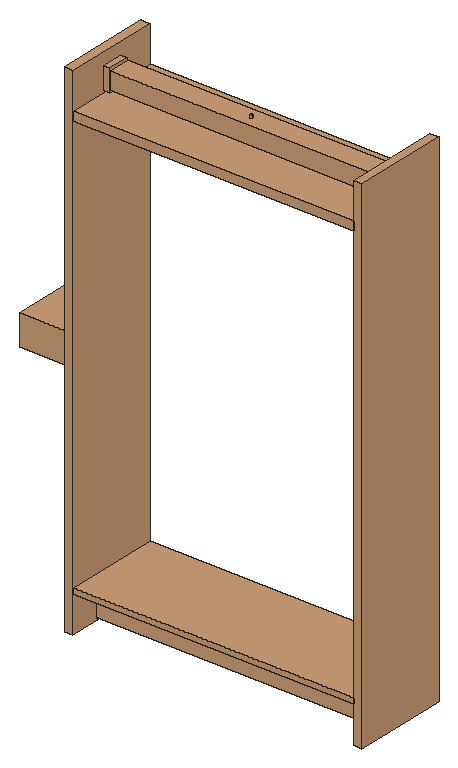
Revit family
Parameters
  Center of Unit = 0' - 0"  # constant formula
  Total Heating Capacity [instance] = 0.0 Btu/h
  Series = "VIFB"
  Outlet Area = 42.90 SF
  Lower Frame Thickness = if(Headers Height = 0' 3", 0' 1 1/4", if(Headers Height = 0' 3 1/4", 0' 1 1/4", 0' 0"))  # 0' - 1 1/4"
  Water Pressure Drop [instance] = 0.00 psi
  Water Flow [instance] = 0 GPM
  Unit Weight (lbs) = 1083
  URL = "http://www.ljwing.com/"
  Water Outlet Radius = 0' - 1 1/2"
  Headers Height = if(M = 0' 1", 0' 3", if(M = 0' 1 1/2", 0' 3 1/4", 0' 0"))  # 0' - 3"
  Number of Rows = 2  # constant formula
  Number of Coils [instance] = 0
  Nominal Length = 5' - 8 5/16"
  N = 1' - 0 3/4"
  Model = "VF-6W"
  Manufacturer = "LJ Wing"
  M = 0' - 1"
  Leaving Water Temperature [instance] = 0 °F
  Leaving Air Temperature [instance] = 0 °F
  Entering Water Temperature [instance] = 0 °F
  Entering Air Temperature [instance] = 0 °F
  Description = "Vertical Integral Face & Bypass Water Heating Coils"
  Hot Water Inlet  Radius = 0' - 1 1/2"
  Coil Face Area = Outlet Area * 0.56  # 24.024 SF
  Casing Material = ""
  Assembly Code = "D3020300"
  Air Vent Radius = 0' - 0 1/4"
  Air Pressure Drop [instance] = 0.00 in-wg
  Air Inlet Width = Nominal Length - 0' 4"  # 5' - 4 5/16"
  Air Inlet Height = Y  # 8' - 0"
  Air Flow [instance] = 0 CFM
  Y = 8' - 0"
  S = 0' - 9 3/4"  # constant formula
  Product URL = "http://www.ljwing.com/html/vifb.asp"
  OmniClass = "23-75 70 21 14 "
  Nominal Height = 9' - 8"
  Nominal Depth = 1' - 10"
  R = 0' - 10 1/4"  # constant formula
  Q = 0' - 4 5/32"
Reference planes (in)
  plane 1 "Center (Front/Back)": y = 0
  plane 2: z = -48
  plane 3 "Center (Left/Right)": x = 0
  plane 4: z = 58.25
  plane 5: x = -34.15625
  plane 6: x = 34.15625
  plane 7: z = -57.75
  plane 8: z = 0
  plane 9: y = -11
  plane 10: y = 11
  plane 11: z = 48
  plane 12: z = 50
  plane 13: z = -49.25
  plane 14: x = 32.15625
  plane 15: x = -32.15625
  plane 16: x = -30
  plane 17: x = 30
  plane 18: y = 14.0625
  plane 19: x = -45.15625
  plane 20: z = 55.125
  plane 21: z = 51.125
  plane 22: y = -2.5
  plane 23: y = 2.5
  plane 24: y = -4.5
  plane 25: z = -55.375
  plane 26: x = -21.40625
  plane 27: x = 21.40625
  plane 28: z = -51.375
Forms (in)
  Extrusion 1, solid, material "Painted Finish"
    sketch origin (0, 6, -9.75) x (1, 0, 0) y (0, 0, 1)
      loop
        line (-34.15625, -48) -> (-32.15625, -48) -> (-32.15625, 68) -> (-34.15625, 68) -> (-34.15625, -48)
      loop
        line (34.15625, -48) -> (34.15625, 68) -> (32.15625, 68) -> (32.15625, -48) -> (34.15625, -48)
    from -5 to 17
  Extrusion 2, solid, material "Painted Finish"
    sketch origin (0, 6, 0) x (1, 0, 0) y (0, 0, 1)
      loop
        line (32.15625, -48) -> (-32.15625, -48) -> (-32.15625, -49.25) -> (32.15625, -49.25) -> (32.15625, -48)
      loop
        line (32.15625, 48) -> (32.15625, 50) -> (-32.15625, 50) -> (-32.15625, 48) -> (32.15625, 48)
    from -5 to 17
  Extrusion 3, solid, material "Painted Finish"
    sketch origin (0, 10, -0.5) x (1, 0, 0) y (0, 0, 1)
      loop
        line (-34.15625, 4) -> (-45.15625, 4) -> (-45.15625, -3) -> (-34.15625, -3) -> (-34.15625, 4)
    from 0 to 20
  Extrusion 4, solid, material "Painted Finish"
    sketch origin (0, 6, 0) x (1, 0, 0) y (0, 0, 1)
      loop
        line (-30.53125, 55.125) -> (-30.53125, 51.125) -> (30.53125, 51.125) -> (30.53125, 55.125) -> (-30.53125, 55.125)
    from 3.5 to 8.5
  Extrusion 5, solid, material "Painted Finish"
    sketch origin (0, 0, 0) x (1, 0, 0) y (0, 0, 1)
      loop
        line (-30.53125, 50.625) -> (-30.53125, 55.625) -> (-32.15625, 55.625) -> (-32.15625, 50.625) -> (-30.53125, 50.625)
      loop
        line (32.15625, 50.625) -> (32.15625, 55.625) -> (30.53125, 55.625) -> (30.53125, 50.625) -> (32.15625, 50.625)
    from -2.5 to 2.5
  Extrusion 6, solid, material "Painted Finish"
    sketch origin (0, 6, 0) x (1, 0, 0) y (0, 0, 1)
      loop
        line (-31.65625, -49.875) -> (-31.65625, -49.625) -> (-32.15625, -49.625) -> (-32.15625, -53.125) -> (-31.65625, -53.125) -> (-31.65625, -52.875) -> (31.65625, -52.875) -> (31.65625, -53.125) -> (32.15625, -53.125) -> (32.15625, -49.625) -> (31.65625, -49.625) -> (31.65625, -49.875) -> (-31.65625, -49.875)
      loop
        line (31.65625, -56.875) -> (31.65625, -57.125) -> (32.15625, -57.125) -> (32.15625, -53.625) -> (31.65625, -53.625) -> (31.65625, -53.875) -> (-31.65625, -53.875) -> (-31.65625, -53.625) -> (-32.15625, -53.625) -> (-32.15625, -57.125) -> (-31.65625, -57.125) -> (-31.65625, -56.875) -> (31.65625, -56.875)
    from -5 to 10.5
  Extrusion 7, void
    sketch origin (0, 0, 0) x (1, 0, 0) y (0, 0, 1)
      loop
        line (-32.15625, 48) -> (-32.15625, -48) -> (32.15625, -48) -> (32.15625, 48) -> (-32.15625, 48)
    from -11 to 11
  Extrusion 8, solid, material "Painted Finish"
    sketch origin (0, 0, 0) x (1, 0, 0) y (0, 0, 1)
      loop
        circle (21.40625, -55.375) r 1
      loop
        circle (-21.40625, -51.375) r 1
    from -14.0625 to -11
  Extrusion 9, solid, material "Painted Finish"
    sketch origin (0, 0, 0) x (1, 0, 0) y (0, 1, 0)
      loop
        circle (0, 0) r 0.25
    from 55.125 to 55.625
Cuts and joins
  Extrusion 7 cuts Extrusion 1
  Extrusion 7 cuts Extrusion 2
Dimensions and locks (in)
  "Nominal Length": plane 6 to plane 5
  equal spacing: plane 6, plane 3 "Center (Left/Right)", plane 5
  "S": plane 2 to plane 7
  "Nominal Depth": plane 10 to plane 9
  equal spacing: plane 10, plane 1 "Center (Front/Back)", plane 9
  "Y": plane 11 to plane 2
  "R": plane 4 to plane 11
  locked: plane 12 to plane 11 at 2
  "Lower Frame Thickness": plane 2 to plane 13
  "Q": plane 16 to plane 5
  "Q": plane 6 to plane 17
  locked: plane 18 to plane 10 at 3.0625
  locked: plane 5 to plane 19 at 11
  locked: Extrusion 3 sketch curve to Extrusion 3 sketch curve at 7
  locked: Extrusion 3 to Extrusion 3 at 20
  locked: plane 6 to plane 14 at 2
  locked: plane 15 to plane 5 at 2
  locked: Extrusion 5 sketch curve to plane 20 at 0.5
  locked: plane 21 to Extrusion 5 sketch curve at 0.5
  locked: plane 20 to plane 21 at 4
  locked: plane 23 to plane 22 at 5
  equal spacing: plane 23, plane 1 "Center (Front/Back)", plane 22
  locked: plane 22 to plane 24 at 2
  plane 4 to plane 7 = 9' - 8"
  locked: Extrusion 5 sketch curve to Extrusion 1 at 1.625
  locked: Extrusion 5 sketch curve to Extrusion 5 sketch curve at 1.625
  locked: Extrusion 7 sketch curve to plane 11 at 0
  locked: Extrusion 7 sketch curve to plane 15 at 0
  locked: Extrusion 7 sketch curve to plane 14 at 0
  locked: plane 15 to Extrusion 6 sketch curve at 0.5
  locked: Extrusion 6 sketch curve to Extrusion 6 sketch curve at 0.25  (x2)
  locked: plane 25 to plane 7 at 2.375
  "N": plane 26 to plane 5
  "N": plane 6 to plane 27
  locked: plane 28 to plane 7 at 6.375
  "Headers Height": Extrusion 6 sketch curve to Extrusion 6 sketch curve  (x2)
  locked: Extrusion 8 sketch curve to plane 25 at 0
  locked: Extrusion 8 sketch curve to plane 28 at 0
  locked: Extrusion 9 sketch curve to plane 1 "Center (Front/Back)" at 0
  locked: Extrusion 9 sketch curve to plane 3 "Center (Left/Right)" at 0
  equal spacing: Extrusion 6 sketch curve, plane 28, Extrusion 6 sketch curve
  equal spacing: Extrusion 6 sketch curve, plane 25, Extrusion 6 sketch curve
  locked: plane 4 to plane 20 at 3.125
  locked: Extrusion 7 sketch curve to plane 2 at 0
  equal spacing: plane 11, plane 8, plane 2
  locked: Extrusion 8 sketch curve to plane 27 at 0
  locked: Extrusion 8 sketch curve to plane 26 at 0
  "M": radius of Extrusion 8 sketch curve  (x2)
  "Air Vent Radius": radius of Extrusion 9 sketch curve
  aligned and locked: Extrusion 1 to plane 9
  aligned and locked: Extrusion 1 to plane 10
  aligned and locked: Extrusion 1 to plane 15
  aligned and locked: Extrusion 1 to plane 14
  aligned and locked: Extrusion 2 to plane 9
  aligned and locked: plane 9 to Extrusion 1
  aligned and locked: plane 10 to Extrusion 1  (x2)
  aligned and locked: Extrusion 2 to plane 10
  aligned and locked: plane 10 to Extrusion 2  (x2)
  aligned and locked: plane 9 to Extrusion 2  (x2)
  aligned and locked: plane 5 to Extrusion 3
  aligned and locked: Extrusion 5 sketch curve to plane 15
  aligned and locked: Extrusion 5 sketch curve to Extrusion 4
  aligned and locked: Extrusion 1 to Extrusion 6
  aligned and locked: plane 22 to Extrusion 5
  aligned and locked: Extrusion 5 to Extrusion 4  (x2)
  aligned and locked: Extrusion 5 to plane 23
  aligned and locked: Extrusion 6 to plane 24
  aligned and locked: Extrusion 4 to Extrusion 5  (x2)
  aligned and locked: Extrusion 5 to Extrusion 1  (x2)
  aligned and locked: Extrusion 1 to Extrusion 7  (x2)
  aligned and locked: plane 18 to Extrusion 8
  aligned and locked: Extrusion 8 to plane 10
  aligned and locked: plane 20 to Extrusion 9
  aligned and locked: Extrusion 9 to Extrusion 5
  aligned and locked: plane 2 to cut or joined group of Extrusion 2, Extrusion 7
  aligned and locked: Extrusion 1 sketch curve to plane 6
  aligned and locked: Extrusion 1 sketch curve to plane 14
  aligned and locked: Extrusion 1 sketch curve to plane 15
  aligned and locked: Extrusion 1 sketch curve to plane 5
  aligned and locked: Extrusion 1 sketch curve to plane 4  (x2)
  aligned and locked: plane 7 to Extrusion 1 sketch curve  (x2)
  aligned and locked: Extrusion 2 sketch curve to plane 11
  aligned and locked: Extrusion 2 sketch curve to plane 12
  aligned and locked: plane 2 to Extrusion 2 sketch curve
  aligned and locked: Extrusion 2 sketch curve to plane 13
  aligned and locked: plane 14 to Extrusion 2 sketch curve
  aligned and locked: plane 15 to Extrusion 2 sketch curve
  aligned and locked: Extrusion 2 sketch curve to plane 15
  aligned and locked: Extrusion 2 sketch curve to plane 14
  aligned and locked: plane 20 to Extrusion 4 sketch curve
  aligned and locked: Extrusion 4 sketch curve to plane 21
  aligned and locked: plane 14 to Extrusion 6 sketch curve  (x2)
  aligned and locked: Extrusion 6 sketch curve to plane 15  (x2)
Automatic sketch dimensions
  Extrusion 3 sketch curve to plane 19 = 0' - 0"
  Extrusion 3 sketch curve to plane 5 = 0' - 0"
  plane 8 to Extrusion 3 sketch curve = 0' - 3 1/2"
  Extrusion 4 sketch curve to plane 16 = 0' - 0 17/32"
  plane 17 to Extrusion 4 sketch curve = 0' - 0 17/32"
  plane 21 to Extrusion 5 sketch curve = 0' - 0 1/2"
  Extrusion 5 sketch curve to plane 20 = 0' - 0 1/2"
  plane 15 to Extrusion 6 sketch curve = 0' - 0 1/2"  (x2)
  Extrusion 6 sketch curve to Extrusion 6 sketch curve = 0' - 0 1/4"  (x5)
  Extrusion 6 sketch curve to Extrusion 6 sketch curve = 0' - 0"  (x2)
  Extrusion 6 sketch curve to plane 14 = 0' - 0 1/2"  (x2)
  Extrusion 6 sketch curve to Extrusion 6 sketch curve = 0' - 0 1/2"
  Extrusion 6 sketch curve to plane 7 = 0' - 0 5/8"
Connectors (in)
  hvac at (0, -11, 0), driven by "Air Inlet Height", driven by "Air Inlet Width", driven by "Air Flow", driven by "Air Pressure Drop"
    settings: on Extrusion 7, index 1
  hvac at (0, 11, 0), driven by "Air Pressure Drop", driven by "Air Inlet Height", driven by "Air Inlet Width", driven by "Air Flow"
    settings: on Extrusion 7, index 2
  piping at (-21.40625, 14.0625, -51.375), driven by "M", driven by "Water Flow", driven by "Water Pressure Drop"
    settings: on Extrusion 8, index 4
  piping at (21.40625, 14.0625, -55.375), driven by "Water Pressure Drop", driven by "Water Flow", driven by "M"
    settings: on Extrusion 8, index 5
